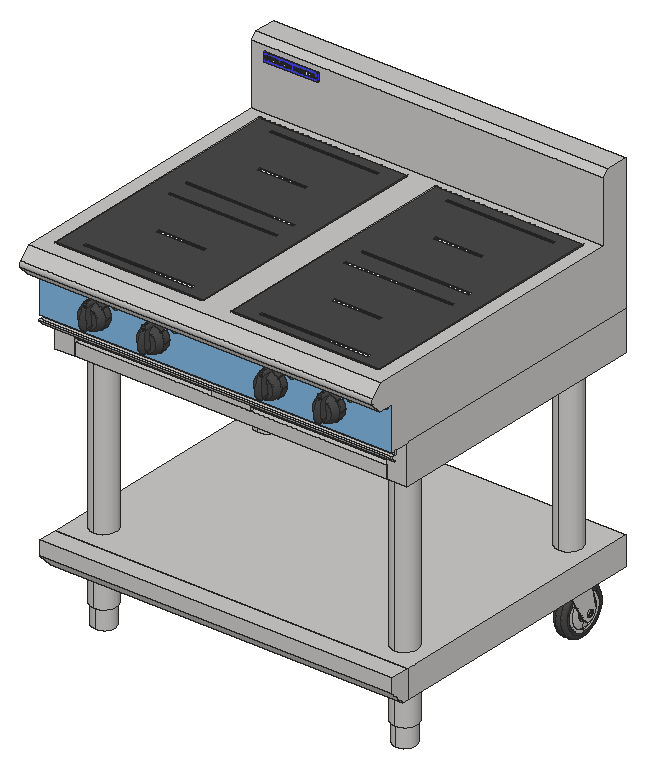
Revit family "QF_Moffat_IN514R5-LS_Induction_Cooktop_cat", category Specialty Equipment, Revit 2019 (continued)
Definition of nested family "QF_LOGO_BLue Seal"
  Automatic sketch dimensions
    Extrusion 2 sketch curve to Extrusion 2 sketch curve = 1.688 mm
    Extrusion 2 sketch curve to plane 7 "Center Y" = 3.94 mm
    plane 7 "Center Y" to Extrusion 2 sketch curve = 0.777 mm
    plane 7 "Center Y" to Extrusion 2 sketch curve = 0.845 mm
    plane 7 "Center Y" to Extrusion 2 sketch curve = 0.988 mm
    Extrusion 2 sketch curve to Extrusion 2 sketch curve = 7.327 mm
    Extrusion 2 sketch curve to Extrusion 2 sketch curve = 4.556 mm
    Extrusion 2 sketch curve to Extrusion 2 sketch curve = 3.087 mm
    Extrusion 2 sketch curve to Extrusion 2 sketch curve = 4.657 mm  (x2)
    Extrusion 2 sketch curve to Extrusion 2 sketch curve = 0.004 mm
    Extrusion 2 sketch curve to Extrusion 2 sketch curve = 0.996 mm
    Extrusion 2 sketch curve to Extrusion 2 sketch curve = 1.402 mm
    Extrusion 2 sketch curve to Extrusion 2 sketch curve = 5.025 mm
    Extrusion 2 sketch curve to Extrusion 2 sketch curve = 4.717 mm
    Extrusion 2 sketch curve to Extrusion 2 sketch curve = 4.785 mm
    Extrusion 2 sketch curve to Extrusion 2 sketch curve = 0.211 mm
    Extrusion 2 sketch curve to Extrusion 2 sketch curve = 2.578 mm
    Extrusion 2 sketch curve to Extrusion 2 sketch curve = 3.936 mm
    Extrusion 2 sketch curve to Extrusion 2 sketch curve = 0.5 mm  (x2)
    Extrusion 2 sketch curve to Extrusion 2 sketch curve = 1.76 mm
    Extrusion 2 sketch curve to Extrusion 2 sketch curve = 2.76 mm
    Extrusion 2 sketch curve to Extrusion 2 sketch curve = 3.875 mm
    Extrusion 2 sketch curve to Extrusion 2 sketch curve = 4.875 mm
    Extrusion 2 sketch curve to Extrusion 2 sketch curve = 1.717 mm
    level to Extrusion 2 sketch curve = 7.169 mm  (x6)
    level to Extrusion 2 sketch curve = 7.227 mm
    Extrusion 2 sketch curve to Extrusion 2 sketch curve = 0.003 mm
    Extrusion 2 sketch curve to Extrusion 2 sketch curve = 0.983 mm  (x2)
    Extrusion 2 sketch curve to Extrusion 2 sketch curve = 1.01 mm  (x2)
    Extrusion 2 sketch curve to Extrusion 2 sketch curve = 1.376 mm
    Extrusion 2 sketch curve to Extrusion 2 sketch curve = 0.588 mm
    Extrusion 2 sketch curve to Extrusion 2 sketch curve = 0.966 mm
    Extrusion 2 sketch curve to Extrusion 2 sketch curve = 2.037 mm  (x2)
    Extrusion 2 sketch curve to Extrusion 2 sketch curve = 0.772 mm  (x2)
    Extrusion 2 sketch curve to Extrusion 2 sketch curve = 1.539 mm
    Extrusion 2 sketch curve to Extrusion 2 sketch curve = 0.961 mm
    Extrusion 2 sketch curve to Extrusion 2 sketch curve = 1.28 mm  (x2)
    Extrusion 2 sketch curve to Extrusion 2 sketch curve = 1.878 mm
    Extrusion 2 sketch curve to Extrusion 2 sketch curve = 2.905 mm
    Extrusion 2 sketch curve to Extrusion 2 sketch curve = 3.969 mm
    Extrusion 2 sketch curve to Extrusion 2 sketch curve = 0.84 mm  (x2)
    Extrusion 2 sketch curve to Extrusion 2 sketch curve = 2.448 mm
    Extrusion 2 sketch curve to Extrusion 2 sketch curve = 2.202 mm
    Extrusion 2 sketch curve to Extrusion 2 sketch curve = 2.222 mm
    Extrusion 2 sketch curve to Extrusion 2 sketch curve = 1.332 mm
    Extrusion 2 sketch curve to Extrusion 2 sketch curve = 1.12 mm  (x2)
    Extrusion 2 sketch curve to Extrusion 2 sketch curve = 0.929 mm
    Extrusion 2 sketch curve to Extrusion 2 sketch curve = 1.051 mm  (x2)
    Extrusion 2 sketch curve to Extrusion 2 sketch curve = 5.129 mm  (x2)
    Extrusion 2 sketch curve to Extrusion 2 sketch curve = 4.147 mm
    Extrusion 2 sketch curve to Extrusion 2 sketch curve = 0.516 mm
    plane 3 "LEFT" to Extrusion 2 sketch curve = 3.555 mm
    plane 3 "LEFT" to Extrusion 3 sketch curve = 8.107 mm
    Extrusion 3 sketch curve to Extrusion 3 sketch curve = 0.182 mm
    level to Extrusion 3 sketch curve = 7.231 mm
    Extrusion 3 sketch curve to Extrusion 3 sketch curve = 3.969 mm
    Extrusion 4 sketch curve to plane 3 "LEFT" = 8.107 mm
    Extrusion 4 sketch curve to Extrusion 4 sketch curve = 0.088 mm
    Extrusion 4 sketch curve to level = 7.227 mm
    Extrusion 4 sketch curve to Extrusion 4 sketch curve = 3.972 mm
Definition of nested family "6 INCHES 02_CASTER"
  Parameters (values of type "6 INCHES 02_CASTER")
    Weight = ""
    URL Manufacturer = ""
    URL Cutsheet = ""
    URL = ""
    Type Mark [instance] = ""
    Specification by User [instance] = ""
    Specification by Manufacturer = ""
    Show Casters [instance] = yes
    Serial Number = ""
    Seismic Rating = ""
    SMACNA No = ""
    Revision Code [instance] = ""
    Omniclass Number and Title = ""
    NAFEM Spec ID Number = ""
    Model = ""
    MasterSpec. = ""
    Manufacturer = ""
    Item Number [instance] = ""
    Installed By [instance] = ""
    Identify Quantity as Lot [instance] = yes
    Furnished By [instance] = ""
    Foodservice Equipment Identifier [instance] = yes
    Description = ""
    CSI MasterFormat = ""
    CSI Master Format = ""
  Reference planes
    plane 1 "BACK": y = 0
    plane 2: z = 0
    plane 3 "LEFT": x = 0
    plane 4 "RIGHT": x = 0
    plane 5 "FRONT": y = 0
    plane 6 "TOP": z = 150
  Forms (mm)
    Revolve 1, solid, visible <- "Show Casters"
      sketch origin (-56.335, 0, -6.35) x (-1, 0, 0) y (0, 0, 1)
        loop
          line (-56.335, 152.4) -> (-56.335, 141.118) -> (-23.798, 141.118) -> (-23.798, 152.4) -> (-56.335, 152.4)
        axis (-56.335, 141.118) -> (-56.335, 152.4)
      angle from 0 to 360
    Extrusion 2, solid, visible <- "Show Casters"
      sketch origin (6.501, 53.083, -4.762) x (0, 1, 0) y (0, 0, 1)
        loop
          line (-85.799, 139.531) -> (-85.799, 133.181) -> (-42.478, 58.614)
          arc (-42.478, 58.614) -> (-16.638, 50.199) -> (-6.442, 75.39) r 19.923
          line (-6.442, 75.39) -> (-20.366, 139.531) -> (-85.799, 139.531)
      from 20.058 to 22.923
    Extrusion 3, solid, visible <- "Show Casters"
      sketch origin (0, 0, 146.05) x (0, 1, 0) y (-1, 0, 0)
        loop
          circle (0, 0) r 19.05
      from 0 to 3.95
    Extrusion 4, solid, visible <- "Show Casters"
      sketch origin (-6.501, 53.083, -4.762) x (0, 1, 0) y (0, 0, -1)
        loop
          line (-85.799, -133.181) -> (-85.799, -139.531) -> (-20.366, -139.531) -> (-6.442, -75.39)
          arc (-6.442, -75.39) -> (-16.638, -50.199) -> (-42.478, -58.614) r 19.923
          line (-42.478, -58.614) -> (-85.799, -133.181)
      from 20.058 to 22.923
    Extrusion 5, solid, visible <- "Show Casters"
      sketch origin (0, -3.253, 19.05) x (0, 1, 0) y (0, 0, 1)
        loop
          line (-29.464, 115.718) -> (-29.464, 109.368) -> (35.969, 109.368) -> (35.969, 115.718) -> (-29.464, 115.718)
      from -26.559 to 26.559
    Revolve 6, solid, visible <- "Show Casters"
      sketch origin (-49.213, 28.39, -3.252) x (1, 0, 0) y (0, 0, 1)
        loop
          line (14.841, 65.192) -> (14.841, 61.686) -> (16.111, 60.416) -> (17.635, 60.416) -> (17.635, 56.97) -> (29.782, 56.97) -> (29.782, 46.925) -> (33.069, 45.027) -> (36.232, 25.477) -> (32.544, 25.477) -> (32.544, 19.127) -> (33.338, 19.127) -> (33.338, 12.777)
          arc (33.338, 12.777) -> (36.127, 6.041) -> (42.863, 3.252) r 9.525
          line (42.863, 3.252) -> (55.563, 3.252)
          arc (55.563, 3.252) -> (62.298, 6.041) -> (65.088, 12.777) r 9.525
          line (65.088, 12.777) -> (65.088, 19.127) -> (65.881, 19.127) -> (65.881, 25.477) -> (62.193, 25.477) -> (65.371, 45.116) -> (68.644, 47.006) -> (68.644, 56.97) -> (80.79, 56.97) -> (80.79, 60.416) -> (82.314, 60.416) -> (83.584, 61.686) -> (83.584, 65.192) -> (14.841, 65.192)
        axis (14.841, 65.192) -> (83.584, 65.192)
      angle from 0 to 360
  Cuts and joins
    joined: Extrusion 2, Extrusion 4, Extrusion 5
  Lines and regions (mm)
    symbolic lines, visible <- "Show Casters"
      curve 1: line (11.652, 51.878, 0) -> (39.148, 36.003, 0)
      curve 2: line (-39.148, -36.11, 0) -> (-20.098, -3.115, 0)
      curve 3: line (-11.652, -51.985, 0) -> (-39.148, -36.11, 0)
      curve 4: line (39.148, 36.003, 0) -> (20.098, 3.007, 0)
      curve 5: line (-7.398, 18.882, 0) -> (11.652, 51.878, 0)
      curve 6: line (7.398, -18.99, 0) -> (-11.652, -51.985, 0)
  Dimensions and locks
    plane 6 "TOP" to level = 150 mm  (x2)
    aligned and locked: level to plane 2
Definition of nested family "Knob"
  Parameters (values of type "Knob")
    Weight in Pounds = 0
    URL Cutsheet = ""
    Specification by User = ""
    Specification by Manufacturer = ""
    Serial Number = ""
    Seismic Rating = ""
    SMACNA No = ""
    Revision Code = ""
    NAFEM Spec ID Number = ""
    Masterspec = ""
    Length = 65 mm
    Item Number = ""
    Installed By = ""
    Identify Quantity as Lot = yes
    Height = 69.5 mm
    Furnished By = ""
    Foodservice Equipment Identifier = yes
    Depth = 59 mm
    CSI MasterFormat = ""
  Reference planes
    plane 1 "BACK": y = 0
    plane 2: z = 0
    plane 3 "LEFT": x = 0
    plane 4 "RIGHT": x = 65
    plane 5 "FRONT": y = -59
    plane 6 "TOP": z = 69.5
    plane 7 "Center Y": x = 32.5
    plane 8 "Center X": y = -29.5
  Forms (mm)
    Revolve 1, solid
      sketch origin (32.5, 175.397, 1219.2) x (0, 1, 0) y (0, 0, 1)
        loop
          line (-175.397, -1186.7) -> (-219.397, -1186.7) -> (-219.397, -1211.501) -> (-202.106, -1219.2) -> (-185.397, -1219.2) -> (-185.397, -1191.7) -> (-175.397, -1191.7) -> (-175.397, -1186.7)
        axis (-219.397, -1186.7) -> (-175.397, -1186.7)
      angle from 0 to 360
    Extrusion 2, solid
      sketch origin (32.5, 175.397, 1219.2) x (0, 1, 0) y (0, 0, 1)
        loop
          line (-202.106, -1154.2) -> (-185.397, -1154.2) -> (-185.397, -1149.7) -> (-224.105, -1149.7)
          arc (-224.105, -1149.7) -> (-233.965, -1178.467) -> (-230.696, -1208.7) r 70
          line (-230.696, -1208.7) -> (-219.397, -1208.7) -> (-219.397, -1161.899) -> (-202.106, -1154.2)
      from -15 to 15
    Extrusion 3, void
      sketch origin (0, 0, 0) x (1, 0, 0) y (0, 0, 1)
        loop
          line (27.501, 64.613) -> (22.02, 20.585)
          arc (22.02, 20.585) -> (32.792, 10.488) -> (42.986, 21.169) r 10.487
          line (42.986, 21.169) -> (37.499, 64.613)
          arc (37.499, 64.613) -> (32.5, 69.5) -> (27.501, 64.613) r 5
        loop
          line (10, 72.977) -> (10, 5.625) -> (55, 5.625) -> (55, 72.977) -> (10, 72.977)
      from 6.142 to 69.687
    Extrusion 4, solid
      sketch origin (0, -34.115, -16.916) x (1, 0, 0) y (0, 0.45399, 0.891007)
        loop
          circle (32.497, 65) r 2
      from 51.525 to 53.075
    Extrusion 5, solid
      sketch origin (32.5, -10, 32.5) x (0, 0, -1) y (-1, 0, 0)
        loop
          line (-23.54, -22.408) -> (-24.106, -22.974)
          arc (-24.106, -22.974) -> (-23.547, -23.547) -> (-22.974, -24.106) r 33.3
          line (-22.974, -24.106) -> (-22.408, -23.54)
          arc (-22.408, -23.54) -> (-22.981, -22.981) -> (-23.54, -22.408) r 32.5
        loop
          arc (-0.8, -33.29) -> (0, -33.3) -> (0.8, -33.29) r 33.3
          line (0.8, -33.29) -> (0.8, -32.49)
          arc (0.8, -32.49) -> (0, -32.5) -> (-0.8, -32.49) r 32.5
          line (-0.8, -32.49) -> (-0.8, -33.29)
        loop
          arc (23.54, -22.408) -> (22.981, -22.981) -> (22.408, -23.54) r 32.5
          line (22.408, -23.54) -> (22.974, -24.106)
          arc (22.974, -24.106) -> (23.547, -23.547) -> (24.106, -22.974) r 33.3
          line (24.106, -22.974) -> (23.54, -22.408)
        loop
          arc (-23.54, 22.408) -> (-22.981, 22.981) -> (-22.408, 23.54) r 32.5
          line (-22.408, 23.54) -> (-22.974, 24.106)
          arc (-22.974, 24.106) -> (-23.547, 23.547) -> (-24.106, 22.974) r 33.3
          line (-24.106, 22.974) -> (-23.54, 22.408)
        loop
          line (-0.8, 33.29) -> (-0.8, 32.49)
          arc (-0.8, 32.49) -> (0, 32.5) -> (0.8, 32.49) r 32.5
          line (0.8, 32.49) -> (0.8, 33.29)
          arc (0.8, 33.29) -> (0, 33.3) -> (-0.8, 33.29) r 33.3
        loop
          line (32.49, -0.8) -> (33.29, -0.8)
          arc (33.29, -0.8) -> (33.3, 0) -> (33.29, 0.8) r 33.3
          line (33.29, 0.8) -> (32.49, 0.8)
          arc (32.49, 0.8) -> (32.5, 0) -> (32.49, -0.8) r 32.5
        loop
          arc (24.106, 22.974) -> (23.547, 23.547) -> (22.974, 24.106) r 33.3
          line (22.974, 24.106) -> (22.408, 23.54)
          arc (22.408, 23.54) -> (22.981, 22.981) -> (23.54, 22.408) r 32.5
          line (23.54, 22.408) -> (24.106, 22.974)
      from 0 to -16.709
  Cuts and joins
    Extrusion 3 cuts Extrusion 2
  Dimensions and locks
    equal spacing: plane 3 "LEFT", plane 7 "Center Y", plane 4 "RIGHT"
    "Length": plane 3 "LEFT" to plane 4 "RIGHT"
    equal spacing: plane 5 "FRONT", plane 8 "Center X", plane 1 "BACK"
    "Depth": plane 5 "FRONT" to plane 1 "BACK"
    "Height": plane 6 "TOP" to level
    plane 4 "RIGHT" to plane 3 "LEFT" = 65 mm
    aligned and locked: level to plane 2
  Automatic sketch dimensions
    Revolve 1 sketch curve to level = 0 mm
    Revolve 1 sketch curve to plane 1 "BACK" = 0 mm  (x2)
    plane 1 "BACK" to Revolve 1 sketch curve = 10 mm
    plane 8 "Center X" to Revolve 1 sketch curve = 2.791 mm
    Revolve 1 sketch curve to plane 8 "Center X" = 14.5 mm
    level to Revolve 1 sketch curve = 7.699 mm
    level to Revolve 1 sketch curve = 27.5 mm
    Revolve 1 sketch curve to Revolve 1 sketch curve = 5 mm
    Revolve 1 sketch curve to Revolve 1 sketch curve = 35 mm
    Revolve 1 sketch curve to Revolve 1 sketch curve = 0 mm
    Extrusion 2 sketch curve to plane 6 "TOP" = 0 mm
    Extrusion 2 sketch curve to plane 5 "FRONT" = 3.702 mm
    Extrusion 2 sketch curve to plane 5 "FRONT" = 10.293 mm
    Extrusion 2 sketch curve to Extrusion 2 sketch curve = 11.298 mm
    plane 8 "Center X" to Extrusion 2 sketch curve = 2.791 mm
    plane 1 "BACK" to Extrusion 2 sketch curve = 10 mm
    Extrusion 2 sketch curve to plane 1 "BACK" = 11 mm
    Extrusion 2 sketch curve to plane 6 "TOP" = 4.5 mm
    Extrusion 2 sketch curve to plane 6 "TOP" = 12.199 mm
    level to Extrusion 2 sketch curve = 32.962 mm
    level to Extrusion 3 sketch curve = 5.625 mm
    Extrusion 3 sketch curve to plane 7 "Center Y" = 0 mm  (x2)
    Extrusion 3 sketch curve to plane 7 "Center Y" = 4.999 mm
    Extrusion 3 sketch curve to plane 7 "Center Y" = 10.48 mm
    plane 6 "TOP" to Extrusion 3 sketch curve = 3.477 mm
    plane 3 "LEFT" to Extrusion 3 sketch curve = 10 mm
    Extrusion 3 sketch curve to plane 6 "TOP" = 4.887 mm
    Extrusion 3 sketch curve to Extrusion 3 sketch curve = 4.999 mm
    plane 7 "Center Y" to Extrusion 3 sketch curve = 10.486 mm
    level to Extrusion 3 sketch curve = 20.585 mm
    Extrusion 3 sketch curve to Extrusion 3 sketch curve = 0.387 mm
    Extrusion 3 sketch curve to Extrusion 3 sketch curve = 0.113 mm
    plane 4 "RIGHT" to Extrusion 3 sketch curve = 10 mm
    Extrusion 5 sketch curve to Revolve 1 = 32.49 mm
    Revolve 1 to Extrusion 5 sketch curve = 32.49 mm
    Extrusion 5 sketch curve to Revolve 1 = 23.54 mm  (x2)
    Revolve 1 to Extrusion 5 sketch curve = 23.54 mm  (x2)
    Extrusion 5 sketch curve to Revolve 1 = 24.106 mm  (x2)
    Revolve 1 to Extrusion 5 sketch curve = 24.106 mm  (x2)
    Revolve 1 to Extrusion 5 sketch curve = 22.408 mm  (x2)
    Extrusion 5 sketch curve to Revolve 1 = 22.408 mm  (x2)
    Revolve 1 to Extrusion 5 sketch curve = 22.974 mm  (x2)
    Extrusion 5 sketch curve to Revolve 1 = 22.974 mm  (x2)
    Extrusion 5 sketch curve to Extrusion 5 sketch curve = 1.6 mm  (x2)
    Revolve 1 to Extrusion 5 sketch curve = 0.8 mm
    Extrusion 5 sketch curve to Revolve 1 = 0.8 mm
    Extrusion 4 sketch curve to plane 7 "Center Y" = 0.003 mm
    radius of Extrusion 5 sketch curve to Revolve 1 = 0 mm  (x7)
    radius of Revolve 1 to Extrusion 5 sketch curve = 0.8 mm  (x7)
    radius of Extrusion 4 sketch curve = 2 mm
Types (2, lengths in mm): name | Watts | Volts | Cycle | Apparent Power
  IN514R5-LS_415/60/3 | 11620 W | 415 V | 60 Hz | 20102.6 VA
  IN514R5-LS_400/50/3 | 11200 W | 400 V | 50 Hz | 19376 VA
